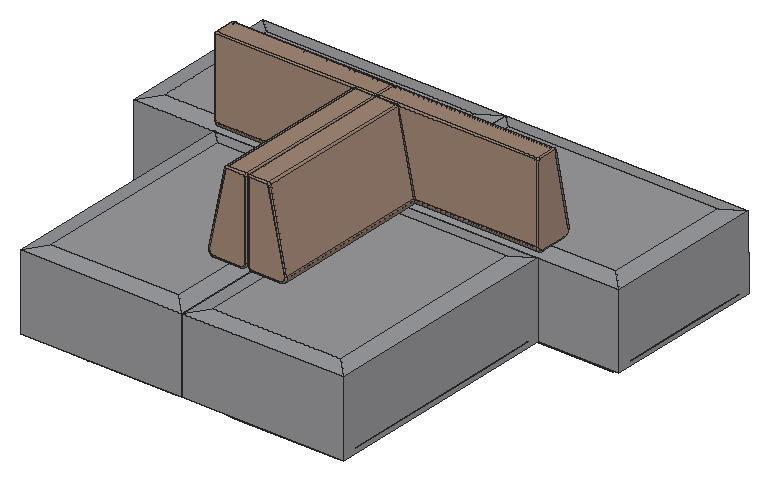
Revit family "System_Furniture-Teknion-Typical-DNA_Open_01", category Furniture Systems, Revit 2013
Parameters (values of type "DNA Open 01")
  URL = "http://teknion.com/"
  Product Page URL = "http://teknionplanningtool.com/"
  Product Line = "DNA"  # constant formula
  Model = "Open 01"  # constant formula
  Manufacturer Phone Number = "416-661-3370"  # constant formula
  Manufacturer Fax = "416.661.4586"  # constant formula
  Manufacturer Address = "1150 Flint Road, Toronto, ON. M3J 2J5. Canada"  # constant formula
  Manufacturer = "Teknion"  # constant formula
  Environmental Data = "http://www.teknion.com/about-teknion/environment/datasheets.asp"
  Description = "DNA Planning Style - Open 01"  # constant formula
  Contact Info = "http://www.teknion.com/contact/contactus.asp"
  Assembly Code = "E2020200"
  Additional Finishes = "http://www.teknion.com/fabrics-finishes/list/ff_main.html"
Reference planes (in)
  plane 1 "Center Front/Back": y = 0
  plane 2: z = 0
  plane 3 "Center Left/Right": x = 0
Dimensions and locks (in)
  aligned and locked: level to plane 2
Nested families (in)
  nested 1: "Bench-Teknion-DNA_Seat_Bench_with_Bolster" at (-19.5, 13, 0) x (-1, 0, 0) z (0, 0, 1), type "DNA Bench with Bolster"
    with Bolster Right no, Bolster Location 1' - 1", Bolster Left yes, Bolster Center no
  nested 2: "Bench-Teknion-DNA_Seat_Bench_with_Bolster" at (-13, -19.5, 0) x (0, -1, 0) z (0, 0, 1), type "DNA Bench with Bolster"
    with Bolster Right no, Bolster Location 1' - 1", Bolster Left yes, Bolster Center no
  nested 3: "Bench-Teknion-DNA_Seat_Bench_with_Bolster" at (19.5, 13, 0) x (-1, 0, 0) z (0, 0, 1), type "DNA Bench with Bolster"
    with Bolster Right yes, Bolster Location 0' - 0", Bolster Left no, Bolster Center no
  nested 4: "Bench-Teknion-DNA_Seat_Bench_with_Bolster" at (13, -19.5, 0) x (0, 1, 0) z (0, 0, 1), type "DNA Bench with Bolster"
    with Bolster Right yes, Bolster Location 0' - 0", Bolster Left no, Bolster Center no
Definition of nested family "Bench-Teknion-DNA_Seat_Bench_with_Bolster"
  Parameters (values of type "DNA Bench")
    Width = 3' - 3"
    Warranty = ""
    Seat Upholstery = Fabric - Teknion - S610 - Saturate Quarry
    URL = "www.teknion.com"
    Product Page URL = "http://www.teknion.com/products/seating_tables_dna/default.asp?text=2&country=us&product=dna&section=seating&subsection=soft"
    Product Name = "DNA"  # constant formula
    Product Documentation Link = "http://www.teknion.com/pricing/seating/pdfs/Teknion_dna_ppg.pdf"
    Model = if(Bolster, "NDNB", "NDNA")  # "NDNA"
    Material = ""
    Manufacturer Phone Number = ""
    Manufacturer Fax = ""
    Manufacturer Contact Information = ""
    Manufacturer Address = "1150 Flint Road, Toronto, ON. M3J 2J5. Canada"  # constant formula
    Manufacturer = "Teknion"  # constant formula
    Keynote = "125000"
    Height = 1' - 4 1/2"  # constant formula
    Environmental Data = ""
    Description = "Bench"  # constant formula
    Depth = 2' - 2"  # constant formula
    Bolster Upholstery = Fabric - Teknion - E504 - Fundamentals
    Bolster Right [instance] = no
    Bolster Location [instance] = if(Bolster Right, 0' 0", if(Bolster Left, 1' 1", if(Bolster Center, 0' 6 1/2", 0' 0")))  # 0' - 6 1/2"
    Bolster Left [instance] = no
    Bolster Center [instance] = yes
    Bolster = no
    Base Material = Paint - Teknion - 52 - Ebony
    Base Height = 0' - 4"
    Assembly Code = "E2020200"
  Types (3): name | Warranty | Model | Manufacturer Phone Number | Manufacturer Fax | Manufacturer Contact Information | Environmental Data | Bolster | Base Material
    (no name) | "" | "NDNA" | "" | "" | "" | "" | no | Paint - Teknion - 52 - Ebony
    DNA Bench | "" | "NDNA" | "" | "" | "" | "" | no | Paint - Teknion - 52 - Ebony
    DNA Bench with Bolster | "http://www.teknion.com/legal/warranty.pdf" | "NDNB" | "416-661-3370" | "416.661.4586" | "http://www.teknion.com/contact/contactus.asp" | "http://www.teknion.com/about-teknion/environment/datasheets.asp" | yes | none
  Reference planes (in)
    plane 1 "Center (Front/Back)": y = 0
    plane 2: z = 0
    plane 3 "Center (Left/Right)": x = 0
    plane 4: x = -19.5
    plane 5: x = 19.5
    plane 6: z = 4
    plane 7: z = 16.5
    plane 8: y = 13
    plane 9: y = -13
    plane 10: x = -6.79751
    plane 11: z = 0.5
    plane 12: x = 13
  Forms (in)
    Extrusion 1, solid, material "Paint - Teknion - 52 - Ebony" <- "Base Material"
      sketch origin (0, 0, 0) x (1, 0, 0) y (0, 1, 0)
        loop
          circle (-13, 6.5) r 1
        loop
          circle (13, 6.5) r 1
        loop
          circle (13, -6.50991) r 1
        loop
          circle (-13, -6.50991) r 1
      from 0 to 0.5
    Sweep 2, solid, material "Fabric - Teknion - S610 - Saturate Quarry" <- "Seat Upholstery"
      path origin (-44.2712, -180, 16.5) x (-1, 0, 0) y (0, -1, 0)
        loop
          line (-24.7712, -193) -> (-24.7712, -167) -> (-63.7712, -167) -> (-63.7712, -193) -> (-24.7712, -193)
      profile origin (0, 13, 16.5) x (0, 1, 0) y (0, 0, 1)
        loop
          line (-2.74891, 0) -> (-3, 0) -> (-3, -12.5) -> (0, -12.5) -> (0, -0.4998) -> (-2.74891, 0)
    Extrusion 3, solid, material "Fabric - Teknion - S610 - Saturate Quarry" <- "Seat Upholstery"
      sketch origin (0, 0, 0) x (1, 0, 0) y (0, 1, 0)
        loop
          line (-16.49778, 10) -> (-16.49778, -9.99891) -> (16.49891, -9.99891) -> (16.49891, 10) -> (-16.49778, 10)
      from 4 to 16.5
    SweptBlend 4, solid, material "Paint - Teknion - 52 - Ebony" <- "Base Material"
      path origin (0, 0, 0) x (1, 0, 0) y (0, 0, 1)
        loop
          line (0, 4) -> (0, 0.5)
      profile origin (0, 0, 4) x (0, -1, 0) y (1, 0, 0)
        loop
          line (-12.125, -18.625) -> (12.125, -18.625) -> (12.125, 18.625) -> (-12.125, 18.625) -> (-12.125, -18.625)
      end profile origin (0, 0, 0.5) x (0, -1, 0) y (1, 0, 0)
        loop
          line (-8.25, -14.75) -> (8.25991, -14.75) -> (8.25991, 14.75) -> (-8.25, 14.75) -> (-8.25, -14.75)
  Cuts and joins
    joined: Sweep 2, Extrusion 3
  Lines and regions (in)
    Masking region 1
      outline origin (0, 0, 0) x (1, 0, 0) y (0, 1, 0)
        loop
          line (-19.5, 13) -> (-19.5, -13) -> (19.5, -13) -> (19.5, 13) -> (-19.5, 13)
    Masking region 2, visible <- "Bolster"
      outline origin (0, 0, 0) x (1, 0, 0) y (0, 1, 0)
        loop
          line (-13, 12.75139) -> (-13, 6.96199) -> (13, 6.96199) -> (13, 12.75139) -> (-13, 12.75139)
  Dimensions and locks (in)
    equal spacing: plane 4, plane 3 "Center (Left/Right)", plane 5
    "Width": plane 4 to plane 5
    "Height": plane 7 to level
    equal spacing: plane 8, plane 1 "Center (Front/Back)", plane 9, locked at 13 each
    "Depth": plane 8 to plane 9
    plane 6 to plane 11 to plane 2 = 0' - 3 1/2" locked, 0' - 0 1/2" locked
    locked: plane 7 to Sweep 2 sketch curve at 0.4998
    plane 8 to Sweep 2 sketch curve to Sweep 2 sketch curve = 0' - 2.74891" locked, 0' - 0.25109" locked
    locked: Extrusion 3 sketch curve to plane 5 at 3.00109
    locked: plane 4 to Extrusion 3 sketch curve at 3.00222
    locked: plane 8 to Extrusion 3 sketch curve at 3
    locked: Extrusion 3 sketch curve to plane 9 at 3.00109
    Extrusion 1 sketch curve to Extrusion 1 sketch curve to plane 3 "Center (Left/Right)" to Extrusion 1 sketch curve to Extrusion 1 sketch curve = 0' - 0" locked, 1' - 1" locked, 1' - 1" locked, 0' - 0" locked
    Extrusion 1 sketch curve to Extrusion 1 sketch curve to plane 1 "Center (Front/Back)" to Extrusion 1 sketch curve to Extrusion 1 sketch curve = 0' - 0" locked, 0' - 6.50991" locked, 0' - 6 1/2" locked, 0' - 0" locked
    locked: SweptBlend 4 sketch curve to plane 9 at 0.875
    locked: plane 8 to SweptBlend 4 sketch curve at 0.875
    locked: plane 8 to SweptBlend 4 sketch curve at 4.75
    locked: SweptBlend 4 sketch curve to plane 9 at 4.74009
    "Bolster Location": plane 5 to plane 12
    plane 8 to Masking region 2 sketch curve to Masking region 2 sketch curve = 0' - 0.24861" locked, 0' - 5.78939" locked
    locked: Masking region 2 sketch curve to plane 12 at 26
    aligned and locked: plane 8 to Sweep 2 sketch curve
    aligned and locked: Sweep 2 sketch curve to plane 6
    aligned and locked: plane 7 to Extrusion 3
    aligned and locked: Extrusion 3 to plane 6
    aligned and locked: Extrusion 1 to plane 11
    aligned and locked: Extrusion 1 to plane 2
    aligned and locked: plane 11 to SweptBlend 4 sketch curve
    aligned and locked: plane 6 to SweptBlend 4 sketch curve
    aligned and locked: Masking region 1 sketch curve to cut or joined group of Sweep 2, Extrusion 3  (x4)
    aligned and locked: plane 7 to nested 1
    aligned and locked: nested 1 to plane 8
    aligned and locked: nested 1 to plane 12
    aligned and locked: Sweep 2 sketch curve to plane 5
    aligned and locked: plane 4 to Sweep 2 sketch curve
    aligned and locked: Sweep 2 sketch curve to plane 8
    aligned and locked: plane 9 to Sweep 2 sketch curve
    aligned and locked: SweptBlend 4 sketch curve to plane 3 "Center (Left/Right)"
    aligned and locked: plane 12 to Masking region 2 sketch curve
  Automatic sketch dimensions
    Sweep 2 sketch curve to plane 7 = 0' - 0"
    SweptBlend 4 sketch curve to profile plane = 1' - 6 5/8"
    SweptBlend 4 sketch curve to profile plane = 1' - 2 3/4"
    profile plane to SweptBlend 4 sketch curve = 1' - 6 5/8"
    profile plane to SweptBlend 4 sketch curve = 1' - 2 3/4"
    radius of Extrusion 1 sketch curve = 0' - 1"  (x4)
  Nested families (in)
    nested 1: "DNA Bolster" at (0, 13, 16.5), Bolster <- "Bolster", type "Bolster"
      with Bolster no
